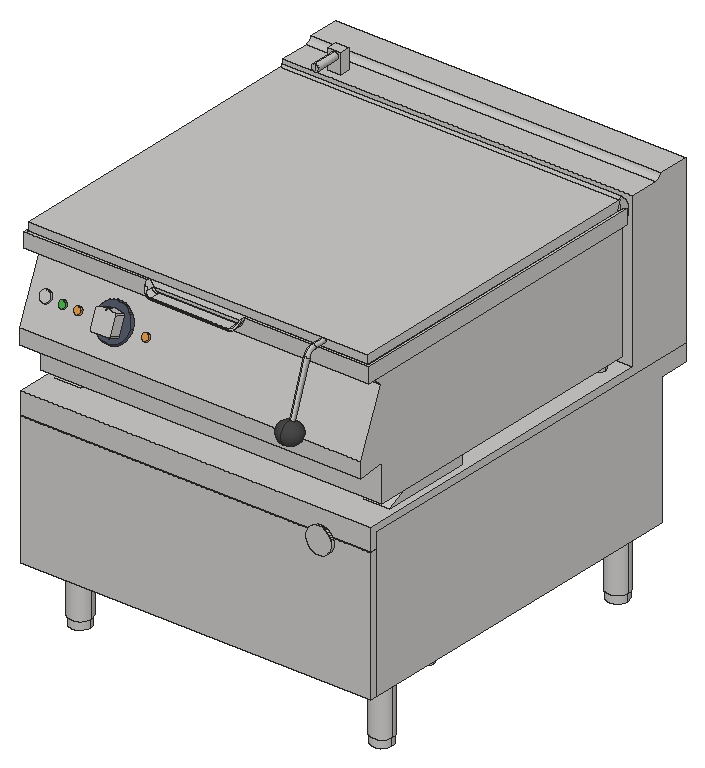
Revit family "QF_ZANUSSI_392417_Z9PPBDBAMED", category Specialty Equipment, Revit 2018
Family settings
  Round Connector Dimension = Use Diameter
  Part Type = Normal
  Work Plane-Based = No
  Always vertical = Yes
  Cut with Voids When Loaded = No
  Shared = No
  Room Calculation Point = No
Parameters (values of type "Standard")
  Weight = 150.00 kg
  Watts = 0 W
  Volts = 380 V
  URL Manufacturer = "http://www.zanussiprofessional.com"
  URL = "http://www.zanussiprofessional.com"
  Steam Supply Size = 0"
  Steam Supply Minimum Pressure = 0.00 psi
  Steam Supply Maximum Pressure = 0.00 psi
  Steam Pounds per Hour = 0
  Show Logo [instance] = yes
  Show Clearance [instance] = yes
  Refrigeration Suction Line Size = 0"
  Refrigeration Liquid Line Size = 0"
  Refrigerant Compressor Remote = yes
  Phase = 3
  Model = "Z9PPBDBAMED"
  Manufacturer = "Zanussi"
  Length Actual = 800 mm  # constant formula
  Item Number = "392417"
  Hot Water Size = 0"
  Height Actual = 850 mm  # constant formula
  HP = "17.4 HP"
  Gas Size = 0"
  Gas KW = 0
  Gas Input Pressure = 0.0 Btu/h
  Direct Waste Size = 0"
  Description = "80LT EL.BRATT PAN DUOMAT BOTTOM AUT (AUS)"
  Depth Actual = 900 mm  # constant formula
  Cycle = 60 Hz
  Condensate Return Size = 0"
  Compressed Air Volume = 0 GPM
  Compressed Air Size = 0"
  Compressed Air Pressure = 0.00 psi
  Cold Water Size = 3/4"
  Assembly Code = ""
  Accessory = yes
Reference planes
  plane 1 "BACK": y = 0
  plane 2: z = 0
  plane 3 "LEFT": x = 0
  plane 4 "RIGHT": x = 800
  plane 5 "FRONT": y = -915
  plane 6 "TOP": z = 898
  plane 7 "Center Y": x = 400
  plane 8 "Center X": y = -457.5
  plane 9 "Base": z = 149
  plane 10: z = 502.193
  plane 11: z = 1653
  plane 12: y = -125
  plane 13: y = -799
  plane 14: x = 55
  plane 15: y = -160.853
  plane 16: x = 745
  plane 17: y = -1014
  plane 18: y = -899.182
  plane 19: x = 786
  plane 20: z = 850
  plane 21: x = 389
  plane 22: y = -702.182
  plane 23: y = -760.182
  plane 24: x = 340
Forms (mm)
  Revolve 1, solid, material "QF_Finishes_Stainless Steel"
    sketch origin (0, -125, 0) x (1, 0, 0) y (0, 0, 1)
      loop
        line (55, 0) -> (55, 149) -> (29.6, 149) -> (29.6, 19.05) -> (32.1, 19.05) -> (32.1, 0) -> (55, 0)
      axis (55, 0) -> (55, 149)
    angle from 0 to 360
  Revolve 2, solid, material "QF_Finishes_Stainless Steel"
    sketch origin (0, -799, 0) x (1, 0, 0) y (0, 0, 1)
      loop
        line (55, 0) -> (55, 149) -> (29.6, 149) -> (29.6, 19.05) -> (32.1, 19.05) -> (32.1, 0) -> (55, 0)
      axis (55, 0) -> (55, 149)
    angle from 0 to 360
  Extrusion 3, solid, material "QF_Finishes_Stainless Steel"
    sketch origin (0, -214.682, 0) x (0, 1, 0) y (0, 0, 1)
      loop
        line (214.682, 487.193) -> (214.682, 866.248) -> (143.055, 866.248)
        arc (143.055, 866.248) -> (139.432, 857.502) -> (130.686, 853.88) r 12.368
        line (130.686, 853.88) -> (64.682, 853.88) -> (64.682, 502.193) -> (-684.5, 502.193) -> (-684.5, 452.193) -> (-669.5, 452.193) -> (-669.5, 487.193) -> (214.682, 487.193)
      loop
        line (-669.5, 149) -> (-669.5, 451.193) -> (-684.5, 451.193) -> (-684.5, 149) -> (-669.5, 149)
    from 0 to 800
  Extrusion 4, solid, material "QF_Finishes_Stainless Steel"
    sketch origin (0, -214.682, 0) x (0, 1, 0) y (0, 0, 1)
      loop
        line (44.029, 528.406) -> (44.029, 817.127) -> (-678.5, 817.127) -> (-678.5, 809.681) -> (-643.264, 774.446) -> (-700.318, 641.094) -> (-700.318, 606.094) -> (-640.765, 613.406) -> (-640.765, 528.406) -> (44.029, 528.406)
    from 10 to 790
  Sweep 5, solid, material "QF_Finishes_Stainless Steel"
    path origin (0, -204.882, 145) x (-1, 0, 0) y (0, -1, 0)
      loop
        line (-290, 694.3) -> (-5, 694.3) -> (-5, -44.029) -> (-795, -44.029) -> (-795, 694.3) -> (-510, 694.3)
    profile origin (652.5, -899.182, 145) x (0, -1, 0) y (0, 0, 1)
      loop
        line (-5, 651.359) -> (0, 651.359) -> (0, 685.301) -> (-6, 685.301) -> (-6, 681.062) -> (-5, 681.062) -> (-5, 651.359)
  Extrusion 6, solid, material "QF_Finishes_Stainless Steel"
    sketch origin (0, -214.682, -5) x (0, 1, 0) y (0, 0, 1)
      loop
        line (33.715, 835.301) -> (42.572, 855) -> (-677.138, 855) -> (-677.138, 835.301) -> (33.715, 835.301)
      loop
        arc (64.305, 837.022) -> (57.071, 850.749) -> (45.92, 861.539) r 49.182
        line (45.92, 861.539) -> (39.069, 846.301) -> (45.904, 846.301) -> (45.904, 832.604) -> (64.305, 814.204) -> (64.305, 837.022)
    from 12.363 to 787.637
  Extrusion 7, solid, material "QF_Finishes_Stainless Steel"
    sketch origin (0, -214.682, 0) x (0, 1, 0) y (0, 0, 1)
      loop
        line (-403.818, 528.406) -> (-556.057, 528.406) -> (-609.801, 502.193) -> (-403.818, 502.193) -> (-403.818, 528.406)
    from 16.63 to 76.513
  Extrusion 8, solid, material "QF_Finishes_Stainless Steel"
    sketch origin (0, -207.182, 150) x (-1, 0, 0) y (0, -1, 0)
      loop
        circle (-46.571, -17.496) r 15
      loop
        circle (-753.429, -17.496) r 15
    from 352.193 to 383.406
  Extrusion 9, solid, material "QF_Finishes_Stainless Steel"
    sketch origin (0, -64.682, 0) x (0, 1, 0) y (0, 0, 1)
      loop
        line (-43.387, 853.88) -> (-43.387, 898) -> (-67.444, 898) -> (-67.444, 853.88) -> (-43.387, 853.88)
    from 87.469 to 116.843
  Revolve 10, solid, material "QF_Finishes_Stainless Steel"
    sketch origin (103.25, -64.682, 0) x (0, 1, 0) y (0, 0, 1)
      loop
        line (-67.444, 888.097) -> (-67.444, 896.222) -> (-123.629, 896.222) -> (-123.629, 888.097) -> (-67.444, 888.097)
      axis (-123.629, 888.097) -> (-67.444, 888.097)
    angle from 0 to 360
  Extrusion 11, solid, material "QF_Clearances", visible <- "Show Clearance", detail levels coarse
    sketch origin (0, -214.682, 0) x (1, 0, 0) y (0, 1, 0)
      loop
        line (800, 214.682) -> (800, -700.318) -> (850, -700.318) -> (850, 264.682) -> (-50, 264.682) -> (-50, -700.318) -> (0, -700.318) -> (0, 214.682) -> (800, 214.682)
    from 0 to 898
  Extrusion 12, solid, material "QF_Finishes_Stainless Steel"
    sketch origin (800, 0, 0) x (0, 1, 0) y (0, 0, 1)
      loop
        line (-884.182, 149) -> (-69, 149) -> (-69, 448) -> (0, 448) -> (0, 487.193) -> (-884.182, 487.193) -> (-884.182, 149)
    from 0 to -800
  Revolve 13, solid, material "QF_Finishes_Stainless Steel"
    sketch origin (1000, -125, 0) x (-1, 0, 0) y (0, 0, -1)
      loop
        line (255, 0) -> (232.1, 0) -> (232.1, -19.05) -> (229.6, -19.05) -> (229.6, -149) -> (255, -149) -> (255, 0)
      axis (255, 0) -> (255, -149)
    angle from 0 to 360
  Revolve 14, solid, material "QF_Finishes_Stainless Steel"
    sketch origin (1000, -799, 0) x (-1, 0, 0) y (0, 0, -1)
      loop
        line (255, 0) -> (232.1, 0) -> (232.1, -19.05) -> (229.6, -19.05) -> (229.6, -149) -> (255, -149) -> (255, 0)
      axis (255, 0) -> (255, -149)
    angle from 0 to 360
  Sweep 15, solid, material "QF_Finishes_Stainless Steel"
    path origin (8.84, -214.682, -10) x (0, 1, 0) y (0, 0, 1)
      loop
        line (-677.138, 852.831) -> (-705.492, 852.831)
        arc (-705.492, 852.831) -> (-716.963, 849.214) -> (-724.286, 839.672) r 20
        line (-724.286, 839.672) -> (-765.322, 726.924)
    profile origin (8.84, -905.997, 842.831) x (0, 0, -1) y (1, 0, 0)
      loop
        circle (0, 676.16) r 5
  Revolve 16, solid, material "QF_Finishes_Black"
    sketch origin (685, -194.682, 0) x (0, 1, 0) y (0, 0, 1)
      loop
        line (-785.322, 716.924) -> (-792.738, 719.623)
        arc (-792.738, 719.623) -> (-818.978, 701.075) -> (-800.713, 674.638) r 22.845
        line (-800.713, 674.638) -> (-785.322, 716.924)
      axis (-785.322, 716.924) -> (-800.713, 674.638)
    angle from 0 to 360
  Extrusion 17, solid, material "QF_Finishes_Stainless Steel"
    sketch origin (800, -69, 149) x (-1, 0, 0) y (0, 1, 0)
      loop
        circle (14, -649.182) r 12.7
    from 0 to 5
  Extrusion 18, solid, material "QF_Finishes_Stainless Steel"
    sketch origin (-3.75, -899.182, 149) x (0, 0, 1) y (-1, 0, 0)
      loop
        circle (289.443, -688.75) r 30
    from 0 to 5
  Extrusion 19, solid, material "QF_Finishes_Stainless Steel"
    sketch origin (800, -214.682, 0) x (0, 1, 0) y (0, 0, -1)
      loop
        line (-403.818, -528.406) -> (-403.818, -502.193) -> (-609.801, -502.193) -> (-556.057, -528.406) -> (-403.818, -528.406)
    from 16.63 to 76.513
  Extrusion 20, solid, material "QF_Finishes_Stainless Steel"
    sketch origin (0, -201.682, -15.905) x (1, 0, 0) y (0, 0, 1)
      loop
        line (509.996, 839.805) -> (509.996, 846.205) -> (502.677, 833.527)
        arc (502.677, 833.527) -> (496.674, 827.524) -> (488.474, 825.327) r 16.4
        line (488.474, 825.327) -> (311.526, 825.327)
        arc (311.526, 825.327) -> (303.32, 827.526) -> (297.312, 833.534) r 16.413
        line (297.312, 833.534) -> (289.996, 846.205) -> (289.996, 839.805) -> (294.541, 831.934)
        arc (294.541, 831.934) -> (301.72, 824.755) -> (311.526, 822.127) r 19.613
        line (311.526, 822.127) -> (488.474, 822.127)
        arc (488.474, 822.127) -> (498.274, 824.753) -> (505.448, 831.927) r 19.6
        line (505.448, 831.927) -> (509.996, 839.805)
    from 697.5 to 717.595
  Extrusion 21, void
    sketch origin (900, 188.397, 1219.2) x (0, -1, 0) y (0, 0, 1)
      loop
        line (1110.167, -415.736) -> (1110.167, -387.945) -> (1093.05, -387.945) -> (1110.167, -415.736)
    from 390 to 610
  Extrusion 22, solid, material "QF_Finishes_Orange"
    sketch origin (9.372, -901.482, 672.689) x (0, 0.393353, 0.919387) y (-1, 0, 0)
      loop
        circle (34.513, -113.251) r 8
    from 0 to 3.175
  Extrusion 23, solid, material "QF_Finishes_Green"
    sketch origin (14.068, -901.51, 672.624) x (0, 0.393353, 0.919387) y (-1, 0, 0)
      loop
        circle (34.513, -73.251) r 8
    from 0 to 3.175
  Extrusion 24, solid, material "QF_Finishes_Stainless Steel"
    sketch origin (10.937, -915, 641.094) x (0, 0.393353, 0.919387) y (-1, 0, 0)
      loop
        circle (71.473, -36.635) r 12.7
    from 0 to 3.2
  Extrusion 25, solid, material "QF_Finishes_Orange"
    sketch origin (164.372, -901.482, 672.689) x (0, 0.393353, 0.919387) y (-1, 0, 0)
      loop
        circle (34.513, -113.251) r 8
    from 0 to 3.175
  Extrusion 26, solid, material "QF_Clearances", visible <- "Show Clearance", detail levels coarse
    sketch origin (0, -996.643, 709.193) x (0, 0.238373, -0.971174) y (0, 0.971174, 0.238373)
      loop
        line (33.715, 835.301) -> (42.572, 855) -> (-677.138, 855) -> (-677.138, 835.301) -> (33.715, 835.301)
      loop
        arc (64.305, 837.022) -> (57.071, 850.749) -> (45.92, 861.539) r 49.182
        line (45.92, 861.539) -> (39.069, 846.301) -> (45.904, 846.301) -> (45.904, 832.604) -> (64.305, 814.204) -> (64.305, 837.022)
    from 12.363 to 787.637
  Sweep 27, solid, material "QF_Clearances", visible <- "Show Clearance", detail levels coarse
    path origin (8.84, -1001.499, 708.002) x (0, 0.238373, -0.971174) y (0, 0.971174, 0.238373)
      loop
        line (-677.138, 852.831) -> (-705.492, 852.831)
        arc (-705.492, 852.831) -> (-716.963, 849.214) -> (-724.286, 839.672) r 20
        line (-724.286, 839.672) -> (-765.322, 726.924)
    profile origin (8.84, -338.043, 1582.68) x (0, -0.971174, -0.238373) y (1, 0, 0)
      loop
        circle (0, 676.16) r 5
  Revolve 28, solid, material "QF_Clearances", visible <- "Show Clearance", detail levels coarse
    sketch origin (685, -987.02, 690.962) x (0, 0.238373, -0.971174) y (0, 0.971174, 0.238373)
      loop
        line (-785.322, 716.924) -> (-792.738, 719.623)
        arc (-792.738, 719.623) -> (-818.978, 701.075) -> (-800.713, 674.638) r 22.845
        line (-800.713, 674.638) -> (-785.322, 716.924)
      axis (-785.322, 716.924) -> (-800.713, 674.638)
    angle from 0 to 360
  Extrusion 29, solid, material "QF_Finishes_Stainless Steel"
    sketch origin (290, -899.182, 830.301) x (-1, 0, 0) y (0, 0, -1)
      loop
        line (0.004, 33.941) -> (-220, 33.941) -> (-220, -0.006) -> (-212.677, 12.678)
        arc (-212.677, 12.678) -> (-206.674, 18.681) -> (-198.474, 20.878) r 16.4
        line (-198.474, 20.878) -> (-21.526, 20.878)
        arc (-21.526, 20.878) -> (-13.32, 18.679) -> (-7.312, 12.672) r 16.413
        line (-7.312, 12.672) -> (0.004, 0) -> (0.004, 33.941)
    from 0 to -6
  Extrusion 30, solid, material "QF_Finishes_Stainless Steel"
    sketch origin (0, 0, 0) x (0, 1, 0) y (0, 0, 1)
      loop
        circle (-760.182, 325) r 9.525
    from 350.873 to 389
  Extrusion 31, solid, material "QF_Finishes_Stainless Steel"
    sketch origin (0, -915, 0) x (1, 0, 0) y (0, 0, 1)
      loop
        circle (340, 220) r 6.35
    from -212.818 to -194.708
  Extrusion 32, solid, material "QF_Plastic-Black-Matte"
    sketch origin (145.417, -886.473, 707.77) x (0, 0.393353, 0.919387) y (0, 0.919387, -0.393353)
      loop
        line (26.984, -34) -> (23.984, -34) -> (23.984, -35) -> (26.984, -35)
        arc (26.984, -35) -> (27.691, -34.707) -> (27.984, -34) r 1
        line (27.984, -34) -> (27.984, -19) -> (26.984, -19) -> (26.984, -34)
    from -58.5 to -56.5
  Extrusion 33, solid, material "QF_Finishes_Stainless Steel"
    sketch origin (202.917, -886.473, 707.77) x (-1, 0, 0) y (0, -0.393353, -0.919387)
      loop
        line (17.5, -17.5) -> (17.5, 17.5) -> (-17.5, 17.5) -> (-17.5, -17.5) -> (17.5, -17.5)
    from 5 to 10
  Extrusion 34, solid, material "QF_Finishes_Stainless Steel"
    sketch origin (202.917, -886.473, 707.77) x (-1, 0, 0) y (0, -0.393353, -0.919387)
      loop
        arc (-21.147, -22.789) -> (0, -26.984) -> (21.147, -22.789) r 55.4
        arc (21.147, -22.789) -> (22.494, -21.685) -> (23, -20.019) r 2.997
        line (23, -20.019) -> (23, 20.019)
        arc (23, 20.019) -> (22.122, 22.138) -> (20.003, 23.016) r 2.997
        line (20.003, 23.016) -> (-20.003, 23.016)
        arc (-20.003, 23.016) -> (-22.122, 22.138) -> (-23, 20.019) r 2.997
        line (-23, 20.019) -> (-23, -20.019)
        arc (-23, -20.019) -> (-22.494, -21.685) -> (-21.147, -22.789) r 2.997
    from 10 to 34
  Blend 35, solid, material "QF_Finishes_Navy Blue"
    base sketch origin (202.917, -886.473, 707.77) x (1, 0, 0) y (0, 0.393353, 0.919387)
      loop
        circle (0, 0) r 42.5
    top sketch origin (202.917, -886.473, 707.77) x (1, 0, 0) y (0, 0.393353, 0.919387)
      loop
        circle (0, 0) r 40.5
    from 0 to 5
Cuts and joins
  Extrusion 21 cuts Extrusion 20
  joined: Sweep 5, Extrusion 20, Extrusion 29
Lines and regions (mm)
  Split face 1
    outline origin (202.917, -891.07, 709.737) x (1, 0, 0) y (0, 0.393353, 0.919387)
      loop
        arc (-0.521, 36.501) -> (-26.491, 26.394) -> (-37.708, 0.884) r 36.411
        line (-37.708, 0.884) -> (-31.708, 0.884)
        arc (-31.708, 0.884) -> (-21.998, 23.844) -> (-0.521, 36.501) r 39.733
  Split face 2
    outline origin (202.917, -891.07, 709.737) x (1, 0, 0) y (0, 0.393353, 0.919387)
      loop
        circle (-30.633, -14.752) r 1.5
  Split face 3
    outline origin (202.917, -891.07, 709.737) x (1, 0, 0) y (0, 0.393353, 0.919387)
      loop
        circle (-21.199, -26.582) r 1.5
  Split face 4
    outline origin (202.917, -891.07, 709.737) x (1, 0, 0) y (0, 0.393353, 0.919387)
      loop
        circle (-7.566, -33.148) r 1.5
  Split face 5
    outline origin (202.917, -891.07, 709.737) x (1, 0, 0) y (0, 0.393353, 0.919387)
      loop
        circle (7.566, -33.148) r 1.5
  Split face 6
    outline origin (202.917, -891.07, 709.737) x (1, 0, 0) y (0, 0.393353, 0.919387)
      loop
        circle (21.199, -26.582) r 1.5
  Split face 7
    outline origin (202.917, -891.07, 709.737) x (1, 0, 0) y (0, 0.393353, 0.919387)
      loop
        circle (30.633, -14.752) r 1.5
  Split face 8
    outline origin (202.917, -891.07, 709.737) x (1, 0, 0) y (0, 0.393353, 0.919387)
      loop
        circle (34, 0) r 1.5
  Split face 9
    outline origin (202.917, -891.07, 709.737) x (1, 0, 0) y (0, -0.393353, -0.919387)
      loop
        circle (30.633, -14.752) r 1.5
  Split face 10
    outline origin (202.917, -891.07, 709.737) x (1, 0, 0) y (0, -0.393353, -0.919387)
      loop
        circle (21.199, -26.582) r 1.5
  symbolic lines
    curve 1: line (10, -915, 149) -> (179.917, -915, 149)
    curve 2: line (0, -899.182, 149) -> (280.622, -899.182, 149)
    curve 3: line (5, -160.853, 149) -> (5, -899.182, 149)
    curve 4: line (0, 0, 149) -> (0, -899.182, 149)
    curve 5: line (800, -899.182, 149) -> (800, 0, 149)
    curve 6: line (5, -160.853, 149) -> (95.125, -160.853, 149)
    curve 7: line (789, -171.653, 149) -> (111.375, -171.653, 149)
    curve 8: line (0, -71.628, 149) -> (800, -71.628, 149)
    curve 9: line (111.375, -160.853, 149) -> (795, -160.853, 149)
    curve 10: line (95.125, -172.111, 149) -> (12.363, -172.111, 149)
    curve 11: line (90.942, -172.111, 149) -> (90.942, -192.672, 149)
    curve 12: line (117.192, -171.653, 149) -> (117.192, -192.672, 149)
    curve 13: arc (90.942, -192.672, 149) -> (104.067, -205.797, 149) -> (117.192, -192.672, 149) r 13.125
    curve 14: line (504.543, -915, 149) -> (680, -915, 149)
    curve 15: line (12.363, -891.82, 149) -> (787.637, -891.82, 149)
    curve 16: line (0, 0, 149) -> (800, 0, 149)
    curve 20: line (680, -980.005, 149) -> (680, -891.82, 149)
    curve 21: line (690, -980.005, 149) -> (690, -891.82, 149)
    curve 22: spline (685, -987.42, 149) -> (686.603, -987.265, 149) -> (688.14, -986.808, 149) -> (689.545, -986.066, 149) -> (690.761, -985.072, 149) -> (691.737, -983.866, 149) -> (692.431, -982.499, 149) -> (692.815, -981.028, 149) -> (692.874, -979.515, 149) -> (692.604, -978.022, 149) -> (692.016, -976.611, 149) -> (691.136, -975.342, 149) -> (690, -974.268, 149)
    curve 23: spline (690, -980.005, 149) -> (689.957, -980.618, 149) -> (689.83, -981.221, 149) -> (689.619, -981.803, 149) -> (689.33, -982.354, 149) -> (688.967, -982.865, 149) -> (688.536, -983.327, 149) -> (688.044, -983.732, 149) -> (687.5, -984.074, 149) -> (686.913, -984.345, 149) -> (686.294, -984.543, 149) -> (685.653, -984.663, 149) -> (685, -984.703, 149)
    curve 24: spline (685, -984.703, 149) -> (684.347, -984.663, 149) -> (683.706, -984.543, 149) -> (683.087, -984.345, 149) -> (682.5, -984.074, 149) -> (681.956, -983.732, 149) -> (681.464, -983.327, 149) -> (681.033, -982.865, 149) -> (680.67, -982.354, 149) -> (680.381, -981.803, 149) -> (680.17, -981.221, 149) -> (680.043, -980.618, 149) -> (680, -980.005, 149)
    curve 25: spline (680, -974.268, 149) -> (678.864, -975.342, 149) -> (677.984, -976.611, 149) -> (677.396, -978.022, 149) -> (677.126, -979.515, 149) -> (677.185, -981.028, 149) -> (677.569, -982.499, 149) -> (678.263, -983.866, 149) -> (679.239, -985.072, 149) -> (680.455, -986.066, 149) -> (681.86, -986.808, 149) -> (683.397, -987.265, 149) -> (685, -987.42, 149)
    curve 26: line (95.125, -188.311, 149) -> (111.375, -188.311, 149)
    curve 27: line (95.125, -132.127, 149) -> (95.125, -188.311, 149)
    curve 28: line (111.375, -188.311, 149) -> (111.375, -132.127, 149)
    curve 29: line (87.469, -132.127, 149) -> (116.843, -132.127, 149)
    curve 30: line (87.469, -108.069, 149) -> (87.469, -132.127, 149)
    curve 31: line (116.843, -108.069, 149) -> (87.469, -108.069, 149)
    curve 32: line (116.843, -132.127, 149) -> (116.843, -108.069, 149)
    curve 33: arc (680, -961.314, 149) -> (685, -1014, 149) -> (690, -961.314, 149) r 26.58
    curve 34: line (0, -150, 182) -> (95.125, -150, 182)
    curve 35: line (800, -150, 182) -> (111.375, -150, 182)
    curve 36: line (12.363, -891.82, 149) -> (12.363, -172.111, 149)
    curve 37: line (787.637, -891.82, 149) -> (787.637, -171.653, 149)
    curve 38: line (790, -915, 182) -> (790, -899.182, 182)
    curve 39: line (10, -899.182, 182) -> (10, -915, 182)
    curve 40: line (795, -160.853, 149) -> (795, -899.182, 149)
    curve 41: line (225.917, -915, 149) -> (295.414, -915, 149)
    curve 42: line (519.371, -899.182, 182) -> (505.448, -914.035, 182)
    curve 43: spline (505.442, -914.033, 182) -> (504.902, -914.595, 182) -> (504.301, -915.14, 182) -> (503.641, -915.666, 182) -> (502.924, -916.17, 182) -> (502.153, -916.653, 182) -> (501.331, -917.111, 182) -> (500.459, -917.544, 182) -> (499.542, -917.95, 182) -> (498.582, -918.327, 182) -> (497.581, -918.675, 182) -> (496.544, -918.992, 182) -> (495.475, -919.277, 182)
    curve 44: line (304.523, -919.277, 182) -> (495.475, -919.277, 182)
    curve 45: line (294.541, -914.031, 182) -> (280.622, -899.182, 182)
    curve 46: spline (304.523, -919.277, 182) -> (303.452, -918.992, 182) -> (302.414, -918.675, 182) -> (301.413, -918.327, 182) -> (300.452, -917.949, 182) -> (299.534, -917.543, 182) -> (298.662, -917.11, 182) -> (297.838, -916.651, 182) -> (297.067, -916.168, 182) -> (296.35, -915.663, 182) -> (295.689, -915.137, 182) -> (295.087, -914.592, 182) -> (294.547, -914.029, 182)
    curve 47: line (519.371, -899.182, 149) -> (680, -899.182, 149)
    curve 48: line (690, -899.182, 149) -> (800, -899.182, 149)
    curve 49: line (690, -915, 149) -> (790, -915, 149)
    curve 50: line (179.917, -899.196, 0) -> (179.917, -925.453, 0)
    curve 51: arc (179.917, -925.453, 0) -> (180.063, -925.917, 0) -> (180.449, -926.213, 0) r 0.809
    curve 52: arc (180.449, -926.213, 0) -> (181.637, -926.693, 0) -> (182.915, -926.786, 0) r 4.127
    curve 53: arc (179.917, -910.086, 0) -> (180.419, -909.365, 0) -> (181.217, -908.995, 0) r 1.682
    curve 54: arc (181.217, -908.995, 0) -> (191.519, -907.497, 0) -> (201.917, -906.988, 0) r 109.079
    curve 55: line (201.917, -899.182, 0) -> (201.917, -909.218, 0)
    curve 56: line (201.917, -909.218, 0) -> (203.917, -909.218, 0)
    curve 57: line (203.917, -909.218, 0) -> (203.917, -899.218, 0)
    curve 58: line (225.917, -899.182, 0) -> (225.917, -925.453, 0)
    curve 59: arc (225.917, -925.453, 0) -> (225.771, -925.917, 0) -> (225.385, -926.213, 0) r 0.809
    curve 60: arc (225.385, -926.213, 0) -> (224.197, -926.693, 0) -> (222.92, -926.786, 0) r 4.127
    curve 61: arc (225.917, -910.086, 0) -> (225.415, -909.365, 0) -> (224.618, -908.995, 0) r 1.682
    curve 62: arc (224.618, -908.995, 0) -> (214.315, -907.497, 0) -> (203.917, -906.988, 0) r 109.079
    curve 63: line (182.915, -926.786, 0) -> (222.92, -926.786, 0)
    curve 64: spline (225.917, -904.183, 0) -> (227.104, -903.848, 0) -> (228.259, -903.497, 0) -> (229.381, -903.13, 0) -> (230.469, -902.747, 0) -> (231.521, -902.348, 0) -> (232.535, -901.936, 0) -> (233.512, -901.509, 0) -> (234.448, -901.068, 0) -> (235.344, -900.615, 0) -> (236.197, -900.149, 0) -> (237.007, -899.671, 0) -> (237.773, -899.182, 0)
    curve 65: spline (168.061, -899.182, 0) -> (168.827, -899.671, 0) -> (169.637, -900.149, 0) -> (170.491, -900.615, 0) -> (171.386, -901.068, 0) -> (172.323, -901.509, 0) -> (173.299, -901.936, 0) -> (174.314, -902.348, 0) -> (175.366, -902.747, 0) -> (176.453, -903.13, 0) -> (177.576, -903.497, 0) -> (178.731, -903.848, 0) -> (179.917, -904.183, 0)
  symbolic lines, style "QF_Clearances", visible <- "Show Clearance", detail levels coarse
    curve 17: line (-50, 50, 150) -> (-50, -918.182, 150)
    curve 18: line (850, 50, 150) -> (850, -915, 150)
    curve 19: line (850, 50, 150) -> (-50, 50, 150)
Dimensions and locks
  equal spacing: plane 3 "LEFT", plane 7 "Center Y", plane 4 "RIGHT"
  plane 3 "LEFT" to plane 4 "RIGHT" = 800 mm
  equal spacing: plane 5 "FRONT", plane 8 "Center X", plane 1 "BACK"
  plane 5 "FRONT" to plane 1 "BACK" = 915 mm  (x2)
  plane 20 to level = 850 mm
  plane 9 "Base" to level = 149 mm
  plane 11 to level = 1653 mm
  plane 11 to plane 2 = 1653 mm
  plane 9 "Base" to plane 2 = 149 mm
  plane 13 to plane 12 = 674 mm
  plane 6 "TOP" to plane 2 = 898 mm
  plane 4 "RIGHT" to plane 16 to plane 14 to plane 3 "LEFT" = 55 mm, 690 mm, 55 mm
  plane 1 "BACK" to plane 17 = 1014 mm
  Extrusion 12 to plane 1 "BACK" = 69 mm
  Extrusion 6 to plane 9 "Base" = 701 mm
  plane 2 to Extrusion 12 = 448 mm
  Extrusion 3 to plane 13 = 100.182 mm
  plane 12 to Extrusion 12 = 56 mm
  plane 4 "RIGHT" to plane 19 = 14 mm
  plane 20 to plane 9 "Base" to level = 701 mm, 149 mm
  plane 1 "BACK" to Extrusion 12 = 69 mm
  Extrusion 12 to plane 12 = 56 mm
  plane 12 to plane 13 = 674 mm
  plane 13 to Extrusion 3 = 100.182 mm
  Extrusion 12 to level = 448 mm
  plane 6 "TOP" to level = 898 mm
  Extrusion 3 to Extrusion 17 = 181 mm
  Extrusion 17 to Extrusion 3 = 181 mm
  Extrusion 30 sketch curve to plane 9 "Base" = 176 mm
  plane 21 to plane 3 "LEFT" = 389 mm
  Extrusion 31 sketch curve to plane 3 "LEFT" = 340 mm
  Extrusion 31 sketch curve to plane 9 "Base" = 71 mm
  plane 22 to Extrusion 3 = 197 mm
  Extrusion 30 sketch curve to Extrusion 3 = 139 mm
  plane 23 to Extrusion 3 = 139 mm
  Extrusion 30 to plane 9 "Base" = 176 mm  (x2)
  Extrusion 12 to Extrusion 31 = 71 mm
  Extrusion 31 to plane 9 "Base" = 71 mm
  plane 24 to plane 3 "LEFT" = 340 mm
  aligned and locked: level to plane 2
  aligned and locked: Extrusion 12 to plane 3 "LEFT"
Automatic sketch dimensions
  Revolve 1 sketch curve to plane 9 "Base" = 0 mm  (x2)
  Revolve 1 sketch curve to level = 0 mm
  Revolve 1 sketch curve to plane 14 = 0 mm  (x2)
  Revolve 1 sketch curve to Revolve 1 sketch curve = 22.9 mm
  Revolve 1 sketch curve to Revolve 1 sketch curve = 2.5 mm
  level to Revolve 1 sketch curve = 19.05 mm
  Revolve 2 sketch curve to plane 9 "Base" = 0 mm  (x2)
  Revolve 2 sketch curve to level = 0 mm
  Revolve 2 sketch curve to plane 14 = 0 mm  (x2)
  Revolve 2 sketch curve to Revolve 2 sketch curve = 22.9 mm
  Revolve 2 sketch curve to Revolve 2 sketch curve = 2.5 mm
  level to Revolve 2 sketch curve = 19.05 mm
  Extrusion 7 sketch curve to plane 10 = 0 mm
  Extrusion 7 sketch curve to plane 13 = 25.484 mm
  plane 13 to Extrusion 7 sketch curve = 28.261 mm
  plane 10 to Extrusion 7 sketch curve = 26.213 mm
  Extrusion 8 sketch curve to plane 16 = 8.429 mm
  Extrusion 8 sketch curve to plane 14 = 8.429 mm
  Extrusion 8 sketch curve to plane 12 = 64.686 mm  (x2)
  Extrusion 9 sketch curve to plane 6 "TOP" = 0 mm
  Extrusion 9 sketch curve to plane 12 = 7.127 mm
  plane 12 to Extrusion 9 sketch curve = 16.931 mm
  plane 20 to Extrusion 9 sketch curve = 3.88 mm
  Revolve 10 sketch curve to plane 6 "TOP" = 9.903 mm
  Revolve 10 sketch curve to plane 12 = 63.311 mm
  Revolve 10 sketch curve to plane 12 = 7.127 mm
  Revolve 10 sketch curve to Revolve 10 sketch curve = 0 mm  (x2)
  plane 12 to Revolve 10 sketch curve = 1.394 mm
  Revolve 10 sketch curve to plane 6 "TOP" = 1.778 mm
  Revolve 13 sketch curve to plane 9 "Base" = 0 mm  (x2)
  Revolve 13 sketch curve to level = 0 mm
  plane 16 to Revolve 13 sketch curve = 0 mm  (x2)
  Revolve 13 sketch curve to plane 19 = 18.1 mm
  Revolve 13 sketch curve to Revolve 13 sketch curve = 2.5 mm
  level to Revolve 13 sketch curve = 19.05 mm
  Revolve 14 sketch curve to plane 9 "Base" = 0 mm  (x2)
  Revolve 14 sketch curve to level = 0 mm
  plane 16 to Revolve 14 sketch curve = 0 mm  (x2)
  Revolve 14 sketch curve to plane 19 = 18.1 mm
  Revolve 14 sketch curve to Revolve 14 sketch curve = 2.5 mm
  level to Revolve 14 sketch curve = 19.05 mm
  plane 17 to Revolve 16 sketch curve = 18.604 mm
  Revolve 16 sketch curve to Revolve 16 sketch curve = 0 mm  (x4)
  plane 17 to Revolve 16 sketch curve = 22.834 mm
  Revolve 16 sketch curve to Revolve 16 sketch curve = 3.746 mm
  Revolve 16 sketch curve to Revolve 16 sketch curve = 7.415 mm
  plane 10 to Revolve 16 sketch curve = 172.444 mm
  Revolve 16 sketch curve to Revolve 16 sketch curve = 22.45 mm
  plane 10 to Extrusion 19 sketch curve = 0 mm
  Extrusion 19 sketch curve to plane 13 = 25.484 mm
  plane 13 to Extrusion 19 sketch curve = 28.261 mm
  plane 10 to Extrusion 19 sketch curve = 26.213 mm
  Extrusion 20 sketch curve to Extrusion 20 sketch curve = 0 mm  (x5)
  Extrusion 20 sketch curve to Extrusion 20 sketch curve = 4.545 mm
  Extrusion 20 sketch curve to Extrusion 20 sketch curve = 2.771 mm  (x2)
  Extrusion 20 sketch curve to Extrusion 20 sketch curve = 14.214 mm
  Extrusion 20 sketch curve to plane 20 = 40.578 mm
  plane 7 "Center Y" to Extrusion 20 sketch curve = 88.474 mm
  Extrusion 20 sketch curve to plane 20 = 32.378 mm
  Extrusion 20 sketch curve to Extrusion 20 sketch curve = 14.203 mm
  Extrusion 20 sketch curve to plane 20 = 33.978 mm
  Extrusion 20 sketch curve to plane 20 = 19.699 mm
  Extrusion 20 sketch curve to Extrusion 20 sketch curve = 7.32 mm
  Extrusion 20 sketch curve to Extrusion 20 sketch curve = 6.606 mm
  Extrusion 20 sketch curve to Extrusion 20 sketch curve = 6.4 mm  (x2)
  Extrusion 20 sketch curve to Extrusion 20 sketch curve = 7.872 mm
  Extrusion 24 sketch curve to plane 14 = 7.427 mm
  Extrusion 26 sketch curve to plane 11 = 87.075 mm
  plane 8 "Center X" to Extrusion 26 sketch curve = 110.667 mm
  Extrusion 26 sketch curve to Extrusion 26 sketch curve = 694.86 mm
  Extrusion 26 sketch curve to Extrusion 26 sketch curve = 15.993 mm
  Extrusion 26 sketch curve to Extrusion 26 sketch curve = 5.354 mm
  Extrusion 26 sketch curve to Extrusion 26 sketch curve = 3.503 mm
  Extrusion 26 sketch curve to Extrusion 26 sketch curve = 12.189 mm
  Extrusion 26 sketch curve to Extrusion 26 sketch curve = 3.348 mm
  Extrusion 26 sketch curve to Extrusion 26 sketch curve = 18.4 mm  (x2)
  Extrusion 26 sketch curve to Extrusion 26 sketch curve = 2.697 mm
  Extrusion 26 sketch curve to Extrusion 26 sketch curve = 14.057 mm
  Extrusion 26 sketch curve to Extrusion 26 sketch curve = 4.418 mm
  Extrusion 26 sketch curve to Extrusion 26 sketch curve = 11 mm
  Extrusion 26 sketch curve to Extrusion 26 sketch curve = 6.539 mm
  Sweep 27 sketch curve to plane 8 "Center X" = 20.462 mm
  Sweep 27 sketch curve to plane 11 = 28.458 mm
  Sweep 27 sketch curve to Sweep 27 sketch curve = 41.037 mm
  Sweep 27 sketch curve to Sweep 27 sketch curve = 18.794 mm
  Sweep 27 sketch curve to Sweep 27 sketch curve = 28.354 mm
  Sweep 27 sketch curve to Sweep 27 sketch curve = 105.908 mm
  Sweep 27 sketch curve to Sweep 27 sketch curve = 6.84 mm
  Sweep 27 sketch curve to profile plane = 0 mm
  profile plane to Sweep 27 sketch curve = 676.16 mm
  Revolve 28 sketch curve to plane 11 = 23.591 mm
  Revolve 28 sketch curve to plane 8 "Center X" = 65.198 mm
  Revolve 28 sketch curve to Revolve 28 sketch curve = 0 mm  (x4)
  Revolve 28 sketch curve to Revolve 28 sketch curve = 4.229 mm
  Revolve 28 sketch curve to Revolve 28 sketch curve = 3.746 mm
  Revolve 28 sketch curve to Revolve 28 sketch curve = 7.415 mm
  Revolve 28 sketch curve to Revolve 28 sketch curve = 22.45 mm
  Extrusion 20 sketch curve to plane 7 "Center Y" = 88.474 mm
  plane 14 to Extrusion 22 sketch curve = 67.623 mm
  plane 14 to Extrusion 23 sketch curve = 32.319 mm
  Extrusion 25 sketch curve to plane 7 "Center Y" = 122.377 mm
  plane 9 "Base" to Revolve 1 sketch curve = 20 mm
  plane 9 "Base" to Revolve 2 sketch curve = 20 mm
  Revolve 13 sketch curve to Revolve 13 sketch curve = 20 mm
  plane 9 "Base" to Revolve 14 sketch curve = 20 mm
  plane 22 to Extrusion 7 sketch curve = 83.682 mm
  plane 22 to Extrusion 19 sketch curve = 83.682 mm
  plane 5 "FRONT" to curve 18 = 0 mm
  plane 4 "RIGHT" to curve 18 = 50 mm
  curve 19 to plane 3 "LEFT" = 50 mm
  curve 17 to plane 1 "BACK" = 50 mm
  plane 5 "FRONT" to curve 17 = 3.182 mm
  Extrusion 3 sketch curve to plane 10 = 0 mm
  Extrusion 3 sketch curve to plane 9 "Base" = 0 mm
  Extrusion 3 sketch curve to plane 1 "BACK" = 0 mm
  plane 20 to Extrusion 3 sketch curve = 16.248 mm
  plane 12 to Extrusion 3 sketch curve = 53.372 mm
  Extrusion 3 sketch curve to Extrusion 3 sketch curve = 12.368 mm
  Extrusion 3 sketch curve to plane 12 = 25 mm
  Extrusion 3 sketch curve to plane 5 "FRONT" = 30.818 mm  (x2)
  Extrusion 3 sketch curve to plane 10 = 15 mm
  Extrusion 3 sketch curve to Extrusion 3 sketch curve = 15 mm
  Extrusion 3 sketch curve to plane 5 "FRONT" = 15.818 mm
  Extrusion 3 sketch curve to Extrusion 3 sketch curve = 36 mm
  Extrusion 3 sketch curve to Extrusion 3 sketch curve = 1 mm
  Extrusion 4 sketch curve to plane 5 "FRONT" = 0 mm
  Extrusion 4 sketch curve to plane 5 "FRONT" = 21.818 mm
  Extrusion 4 sketch curve to Extrusion 4 sketch curve = 35.236 mm
  plane 10 to Extrusion 4 sketch curve = 26.213 mm
  Extrusion 4 sketch curve to plane 13 = 56.447 mm
  Extrusion 4 sketch curve to plane 12 = 45.653 mm
  Extrusion 4 sketch curve to Extrusion 4 sketch curve = 77.688 mm
  Extrusion 4 sketch curve to Extrusion 4 sketch curve = 7.312 mm
  Extrusion 4 sketch curve to Extrusion 4 sketch curve = 35 mm
  Extrusion 4 sketch curve to plane 20 = 75.554 mm
  Extrusion 4 sketch curve to plane 20 = 40.319 mm
  Extrusion 4 sketch curve to plane 20 = 32.873 mm
  plane 15 to Sweep 5 sketch curve = 0 mm
  Sweep 5 sketch curve to plane 4 "RIGHT" = 5 mm
  plane 3 "LEFT" to Sweep 5 sketch curve = 5 mm
  Sweep 5 sketch curve to plane 5 "FRONT" = 15.818 mm  (x2)
  plane 7 "Center Y" to Sweep 5 sketch curve = 110 mm
  Sweep 5 sketch curve to plane 24 = 50 mm
  Sweep 5 sketch curve to profile plane = 0 mm
  profile plane to Sweep 5 sketch curve = 5 mm
  Sweep 5 sketch curve to Sweep 5 sketch curve = 1 mm
  profile plane to Sweep 5 sketch curve = 651.359 mm
  Sweep 5 sketch curve to Sweep 5 sketch curve = 29.703 mm
  Sweep 5 sketch curve to Sweep 5 sketch curve = 4.238 mm
  Extrusion 6 sketch curve to plane 20 = 0 mm
  Extrusion 6 sketch curve to plane 5 "FRONT" = 23.18 mm
  Extrusion 6 sketch curve to plane 20 = 33.757 mm
  Extrusion 6 sketch curve to plane 12 = 71.96 mm
  Extrusion 6 sketch curve to plane 20 = 19.699 mm
  Extrusion 6 sketch curve to Extrusion 6 sketch curve = 15.993 mm
  Extrusion 6 sketch curve to plane 20 = 8.699 mm
  Extrusion 6 sketch curve to Extrusion 6 sketch curve = 5.354 mm
  Extrusion 6 sketch curve to Extrusion 6 sketch curve = 3.503 mm
  Extrusion 6 sketch curve to Extrusion 6 sketch curve = 12.189 mm
  plane 20 to Extrusion 6 sketch curve = 6.539 mm
  Extrusion 6 sketch curve to Extrusion 6 sketch curve = 3.348 mm
  Extrusion 6 sketch curve to plane 20 = 17.978 mm
  Extrusion 6 sketch curve to Extrusion 6 sketch curve = 22.819 mm
  Extrusion 6 sketch curve to Extrusion 6 sketch curve = 2.697 mm
  plane 5 "FRONT" to Extrusion 11 sketch curve = 0 mm  (x2)
  Extrusion 11 sketch curve to plane 3 "LEFT" = 0 mm
  plane 1 "BACK" to Extrusion 11 sketch curve = 0 mm
  Extrusion 11 sketch curve to plane 4 "RIGHT" = 0 mm
  Extrusion 11 sketch curve to plane 3 "LEFT" = 50 mm
  plane 4 "RIGHT" to Extrusion 11 sketch curve = 50 mm
  Extrusion 11 sketch curve to plane 1 "BACK" = 50 mm
  Extrusion 12 sketch curve to plane 9 "Base" = 0 mm
  Extrusion 12 sketch curve to plane 1 "BACK" = 0 mm
  plane 12 to Extrusion 12 sketch curve = 56 mm
  Extrusion 12 sketch curve to plane 5 "FRONT" = 30.818 mm
  Extrusion 12 sketch curve to plane 10 = 54.193 mm
  Extrusion 12 sketch curve to plane 10 = 15 mm
  plane 5 "FRONT" to Sweep 15 sketch curve = 23.968 mm
  plane 5 "FRONT" to Sweep 15 sketch curve = 5.174 mm
  Sweep 15 sketch curve to plane 20 = 27.169 mm
  Sweep 15 sketch curve to Sweep 15 sketch curve = 6.84 mm
  plane 17 to Sweep 15 sketch curve = 33.995 mm
  Sweep 15 sketch curve to plane 5 "FRONT" = 23.18 mm
  Sweep 15 sketch curve to Sweep 15 sketch curve = 112.748 mm
  Sweep 15 sketch curve to profile plane = 0 mm
  profile plane to Sweep 15 sketch curve = 676.16 mm
  Extrusion 17 sketch curve to Extrusion 12 = 14 mm
  Extrusion 17 sketch curve to Extrusion 12 = 166 mm
  Extrusion 18 sketch curve to Extrusion 3 = 12.75 mm
  Extrusion 3 to Extrusion 18 sketch curve = 115 mm
  curve 35 to plane 4 "RIGHT" = 0 mm
  plane 5 "FRONT" to curve 38 = 0 mm
  plane 5 "FRONT" to curve 39 = 0 mm
  curve 34 to plane 3 "LEFT" = 0 mm
  plane 5 "FRONT" to curve 44 = 4.277 mm
  plane 7 "Center Y" to curve 44 = 95.475 mm
  curve 44 to plane 24 = 35.477 mm
  plane 19 to curve 38 = 4 mm
  curve 42 to plane 5 "FRONT" = 15.818 mm
  curve 42 to curve 43 = 23.896 mm
  curve 43 to curve 43 = 11.938 mm
  curve 42 to plane 5 "FRONT" = 0.965 mm
  curve 43 to curve 42 = 1.965 mm
  curve 42 to curve 43 = 0.006 mm
  curve 43 to plane 5 "FRONT" = 5.606 mm
  curve 44 to curve 43 = 8.908 mm
  curve 46 to plane 5 "FRONT" = 5.613 mm
  curve 46 to curve 44 = 8.911 mm
  curve 46 to plane 5 "FRONT" = 0.971 mm
  curve 46 to curve 46 = 9.976 mm
  curve 45 to plane 5 "FRONT" = 0.969 mm
  curve 46 to curve 45 = 0.006 mm
  curve 45 to plane 5 "FRONT" = 15.818 mm
  curve 46 to curve 45 = 11.953 mm
  curve 35 to plane 12 = 25 mm
  plane 14 to curve 35 = 56.375 mm
  curve 35 to curve 34 = 16.25 mm
  plane 3 "LEFT" to curve 39 = 10 mm
  curve 38 to plane 5 "FRONT" = 15.818 mm
  curve 39 to plane 5 "FRONT" = 15.818 mm
  curve 34 to plane 12 = 25 mm
  Extrusion 21 sketch curve to plane 5 "FRONT" = 10.347 mm
  plane 5 "FRONT" to Extrusion 21 sketch curve = 6.769 mm
  Extrusion 21 sketch curve to plane 20 = 46.536 mm
  Extrusion 21 sketch curve to plane 20 = 18.745 mm
  Extrusion 29 sketch curve to Sweep 5 = 0 mm  (x2)
  Extrusion 29 sketch curve to Sweep 5 = 220 mm
  Sweep 5 to Extrusion 29 sketch curve = 12.678 mm
  Extrusion 29 sketch curve to Extrusion 29 sketch curve = 7.323 mm
  Sweep 5 to Extrusion 29 sketch curve = 4.478 mm
  Extrusion 29 sketch curve to Extrusion 29 sketch curve = 14.203 mm
  Extrusion 29 sketch curve to Sweep 5 = 21.526 mm
  Extrusion 29 sketch curve to Sweep 5 = 7.312 mm
  Sweep 5 to Extrusion 29 sketch curve = 0.004 mm
  Extrusion 29 sketch curve to Sweep 5 = 0.006 mm
  Sweep 5 to Extrusion 29 sketch curve = 4.465 mm
  Split face 1 sketch curve to Split face 1 sketch curve = 6 mm
  Split face 1 sketch curve to Split face 1 sketch curve = 30.402 mm
  Split face 1 sketch curve to Split face 1 sketch curve = 9.201 mm
  Split face 1 sketch curve to Split face 1 sketch curve = 2.43 mm
  Split face 1 sketch curve to Split face 1 sketch curve = 0.785 mm
  Extrusion 32 sketch curve to plane 5 "FRONT" = 5.782 mm
  Extrusion 32 sketch curve to plane 20 = 106.412 mm
  Extrusion 32 sketch curve to Extrusion 32 sketch curve = 3 mm
  Extrusion 32 sketch curve to Extrusion 32 sketch curve = 0 mm
  Extrusion 32 sketch curve to Extrusion 32 sketch curve = 1 mm  (x2)
  Extrusion 32 sketch curve to Extrusion 32 sketch curve = 15 mm
  Extrusion 33 sketch curve to plane 24 = 119.583 mm
  Extrusion 33 sketch curve to Extrusion 33 sketch curve = 35 mm  (x2)
  Extrusion 34 sketch curve to plane 24 = 114.083 mm
  Extrusion 34 sketch curve to Extrusion 34 sketch curve = 2.997 mm  (x3)
  Extrusion 34 sketch curve to Extrusion 34 sketch curve = 20.003 mm  (x2)
  Extrusion 34 sketch curve to Extrusion 34 sketch curve = 40.005 mm
  Extrusion 34 sketch curve to Extrusion 34 sketch curve = 0 mm  (x2)
  Extrusion 34 sketch curve to Extrusion 34 sketch curve = 40.037 mm
  Extrusion 34 sketch curve to Extrusion 34 sketch curve = 5.399 mm
  Blend 35 sketch curve to plane 24 = 137.083 mm  (x2)
  plane 1 "BACK" to curve 16 = 0 mm
  curve 16 to plane 4 "RIGHT" = 0 mm
  plane 5 "FRONT" to curve 49 = 0 mm
  plane 5 "FRONT" to curve 14 = 0 mm
  plane 5 "FRONT" to curve 41 = 0 mm
  plane 5 "FRONT" to curve 1 = 0 mm
  curve 4 to plane 3 "LEFT" = 0 mm
  curve 40 to plane 4 "RIGHT" = 5 mm
  plane 19 to curve 15 = 1.637 mm
  plane 16 to curve 21 = 55 mm
  curve 21 to curve 33 = 5 mm
  curve 33 to curve 20 = 5 mm
  plane 14 to curve 12 = 62.192 mm
  plane 12 to curve 32 = 16.931 mm
  plane 14 to curve 32 = 61.843 mm
  curve 13 to curve 28 = 5.816 mm
  curve 26 to curve 13 = 7.309 mm
  curve 27 to curve 13 = 4.184 mm
  curve 27 to curve 30 = 7.657 mm
  plane 3 "LEFT" to curve 36 = 12.363 mm
  plane 3 "LEFT" to curve 6 = 5 mm
  curve 29 to plane 12 = 7.127 mm
  curve 9 to plane 12 = 35.853 mm
  curve 3 to plane 12 = 35.853 mm
  curve 3 to curve 36 = 11.257 mm
  curve 10 to curve 28 = 16.201 mm
  curve 26 to curve 11 = 4.36 mm
  curve 15 to plane 5 "FRONT" = 23.18 mm
  curve 15 to curve 5 = 7.363 mm
  curve 15 to curve 4 = 7.363 mm
  plane 17 to curve 20 = 33.995 mm
  curve 21 to curve 24 = 0 mm
  curve 24 to curve 33 = 7.415 mm
  plane 19 to curve 49 = 4 mm
  curve 7 to curve 37 = 1.363 mm
  curve 25 to curve 21 = 2.891 mm
  curve 22 to curve 25 = 0 mm
  curve 24 to curve 21 = 0 mm
  curve 25 to curve 33 = 0 mm
  curve 47 to plane 5 "FRONT" = 15.818 mm
  plane 7 "Center Y" to curve 47 = 119.371 mm
  curve 47 to curve 14 = 14.828 mm
  curve 41 to plane 24 = 44.586 mm
  curve 41 to curve 2 = 14.792 mm
  curve 2 to curve 41 = 54.705 mm
  curve 41 to curve 1 = 46 mm
  plane 3 "LEFT" to curve 1 = 10 mm
  plane 12 to curve 8 = 53.372 mm
  curve 9 to curve 7 = 10.8 mm
  curve 33 to curve 23 = 18.691 mm
  curve 25 to curve 20 = 5.737 mm
  curve 22 to curve 23 = 5.737 mm
  curve 25 to curve 23 = 0 mm
  curve 23 to curve 33 = 2.717 mm
  plane 14 to curve 50 = 124.917 mm
  curve 50 to curve 51 = 0.809 mm
  curve 53 to curve 53 = 1.583 mm
  curve 51 to curve 52 = 1.846 mm
  curve 51 to curve 63 = 2.189 mm
  curve 53 to curve 56 = 20.417 mm
  curve 63 to curve 54 = 19.134 mm
  curve 54 to curve 62 = 1.738 mm
  curve 55 to curve 56 = 2 mm
  curve 56 to curve 63 = 19.003 mm
  curve 60 to curve 60 = 0.343 mm
  curve 60 to curve 61 = 1.071 mm
  curve 60 to curve 59 = 2.189 mm
  curve 59 to curve 58 = 0.809 mm
  curve 51 to curve 58 = 0 mm
  curve 63 to curve 59 = 1.333 mm
  curve 54 to curve 63 = 89.28 mm
  curve 54 to curve 62 = 0 mm
  curve 59 to curve 60 = 2.779 mm
  curve 51 to curve 52 = 2.779 mm
  curve 52 to curve 53 = 12.021 mm
  curve 60 to curve 61 = 12.021 mm
  curve 53 to curve 56 = 1.435 mm
  curve 65 to curve 50 = 11.856 mm
  curve 65 to curve 65 = 5.644 mm
  curve 64 to curve 65 = 0 mm
  curve 54 to curve 53 = 0.284 mm
  curve 55 to curve 64 = 1 mm
  curve 65 to curve 64 = 0 mm
  curve 61 to curve 62 = 0.284 mm
  curve 58 to curve 64 = 11.856 mm
  curve 61 to curve 61 = 0.567 mm
  curve 53 to curve 53 = 0.567 mm
  curve 61 to curve 64 = 4.813 mm
  curve 53 to curve 65 = 4.813 mm
  curve 62 to curve 57 = 7.77 mm
  curve 65 to curve 50 = 4.987 mm
  curve 57 to curve 55 = 0.035 mm
  curve 50 to curve 65 = 0.013 mm
  curve 64 to curve 64 = 5.001 mm
  curve 64 to curve 58 = 5.001 mm
  curve 54 to plane 17 = 2.066 mm
  radius of Extrusion 8 sketch curve = 15 mm  (x2)
  radius of Extrusion 22 sketch curve = 8 mm
  radius of Extrusion 23 sketch curve = 8 mm
  radius of Extrusion 24 sketch curve = 12.7 mm
  radius of Extrusion 25 sketch curve = 8 mm
  radius of Sweep 27 sketch curve = 5 mm
  radius of Sweep 15 sketch curve = 5 mm
  radius of Extrusion 17 sketch curve = 12.7 mm
  radius of Extrusion 18 sketch curve = 30 mm
  radius of Extrusion 30 sketch curve = 9.525 mm
  radius of Extrusion 31 sketch curve = 6.35 mm
  radius of Split face 2 sketch curve = 1.5 mm
  radius of Split face 3 sketch curve = 1.5 mm
  radius of Split face 4 sketch curve = 1.5 mm
  radius of Split face 5 sketch curve = 1.5 mm
  radius of Split face 6 sketch curve = 1.5 mm
  radius of Split face 7 sketch curve = 1.5 mm
  radius of Split face 8 sketch curve = 1.5 mm
  radius of Split face 9 sketch curve = 1.5 mm
  radius of Split face 10 sketch curve = 1.5 mm
  radius of Blend 35 sketch curve = 42.5 mm
  radius of Blend 35 sketch curve = 40.5 mm
Connectors
  piping at (389, -760.182, 325), diameter 19
    settings: on Extrusion 30, index 1, connector inside diameter 0.74803", connector length 0 mm, flow factor 0, pipe flow 0 GPM, pressure drop 0.00 psi, fitting loss kfactor 0, connector angle 0.00°, fixture units 0, engagement length 0 mm, angle of deflection 0.00°, flow configuration 1, flow direction 1, fitting loss method 0, system type 20, joint type 0, gender type 0, connector reference index -1, connector utility 0, adjustable connector no, is connector primary yes, connector description "COLD WATER INLET"
  electrical at (340, -702.182, 220)
    settings: on Extrusion 31, index 2, voltage 400 V, apparent load 13000 VA, apparent load phase1 0 VA, apparent load phase2 0 VA, apparent load phase3 0 VA, power factor 1, load classification "Other", number of poles 1, system type 30, power factor state 1, is connector primary yes, connector utility no, sub classification motor no, connector description "ELECTRICAL CONNECTION"
